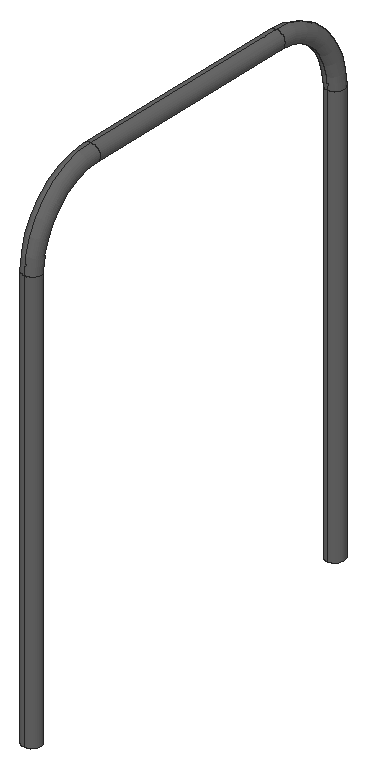
Revit family "Site_Accessories-Bike_Ovella-Systems-Oy_Urbanhub_U1_N1", category Specialty Equipment, Revit 2023
Family settings
  Round Connector Dimension = Use Diameter
  Part Type = Normal
  OmniClass Number = 23.11.29.11.11
  OmniClass Title = Bicycle Racks
  Work Plane-Based = No
  Enable Cutting in Views = Yes
  Always vertical = Yes
  Cut with Voids When Loaded = No
  Maintain Annotation Orientation = No
  Shared = No
  Room Calculation Point = No
Parameters (values of type "Urbanhub U1")
  z_Real Count [instance] = if(Count < 2, 2, Count)  # 2
  z_One [instance] = if(Count < 2, 1 = 1, 1 = 2)  # yes
  z_Clearence Length [instance] = if(Length = 1200 mm, 1800 mm, 610 mm)  # 610 mm
  z_Clearance Width = 2000 mm  # constant formula
  z_Clearance One [instance] = if(Count > 1, 1 = 2, Clearance)  # no
  z_Clearance Height = 1030 mm  # constant formula
  z_Clearance Array [instance] = if(Count < 2, 1 = 2, Clearance)  # no
  z_Array [instance] = if(Count > 1, 1 = 1, 1 = 2)  # no
  Width = 25 mm  # constant formula
  Version = 1
  URL = "https://www.ovella.fi"
  Product data url = ""
  Product Page URL = "https://www.ovella.fi/urbanhub_sisaan"
  Product Material = Ovella Systems Oy - Metal - Steel - Black
  Model = "Urbanhub U1"  # constant formula
  Manufacturer = "Ovella Systems Oy"  # constant formula
  Length [instance] = 700 mm  # constant formula
  Height = 700 mm  # constant formula
  Distance = 800 mm  # constant formula
  Default Elevation = 0 mm
  Date Updated = ""
  Date Created = "2025/12/05"  # constant formula
  Count [instance] = 1
  Clearance [instance] = no
Reference planes
  plane 1: y = 0
  plane 2: z = 0
  plane 3 "Center (Left/Right)": x = 0
  plane 4: z = 700
  plane 5: z = 1030
  plane 6: x = 800
  plane 7: x = 12.5
  plane 8: x = 815
  plane 9: x = 790
  plane 10: x = -12.5
  plane 11 "Center (Front/Back)": y = 87.405
  plane 12: x = -305
  plane 13: x = 1105
Forms (mm)
  Extrusion 1, solid, material "Ovella Systems Oy - Metal - Steel - Black" <- "Product Material", visible <- "z_One", detail levels coarse+medium
    sketch origin (0, -0.386, 0) x (0, 1, 0) y (0, 0, 1)
      loop
        arc (-72.114, 700) -> (-153.432, 666.317) -> (-187.114, 585) r 115
        line (-187.114, 585) -> (-187.114, 0) -> (-162.114, 0) -> (-162.114, 585)
        arc (-162.114, 585) -> (-135.754, 648.64) -> (-72.114, 675) r 90
        line (-72.114, 675) -> (247.886, 675)
        arc (247.886, 675) -> (311.525, 648.64) -> (337.886, 585) r 90
        line (337.886, 585) -> (337.886, 0) -> (362.886, 0) -> (362.886, 585)
        arc (362.886, 585) -> (329.203, 666.317) -> (247.886, 700) r 115
        line (247.886, 700) -> (-72.114, 700)
    from -12.5 to 12.5
  Sweep 2, solid, material "Ovella Systems Oy - Metal - Steel - Black" <- "Product Material", visible <- "z_One", detail levels fine
    path origin (0, 0, 0) x (0, 1, 0) y (0, 0, 1)
      loop
        line (-175, 0) -> (-175, 584.9)
        arc (-175, 584.9) -> (-144.978, 657.378) -> (-72.5, 687.4) r 102.5
        line (-72.5, 687.4) -> (247.5, 687.4)
        arc (247.5, 687.4) -> (319.978, 657.378) -> (350, 584.9) r 102.5
        line (350, 584.9) -> (350, 0)
    profile origin (0, -175, 292.45) x (0, -1, 0) y (1, 0, 0)
      loop
        circle (0, 0) r 12.5
  Extrusion 3, solid, material "Clearance", visible <- "z_Clearance Array"
    sketch origin (0, 87.405, 0) x (1, 0, 0) y (0, 1, 0)
      loop
        line (-305, 1000) -> (-305, -1000) -> (305, -1000) -> (305, 1000) -> (-305, 1000)
    from 0 to 1030
  Extrusion 4, solid, material "Ovella Systems Oy - Metal - Steel - Black" <- "Product Material", visible <- "z_Array", detail levels coarse+medium
    sketch origin (-2.5, -0.386, 0) x (0, 1, 0) y (0, 0, 1)
      loop
        arc (-72.114, 700) -> (-153.432, 666.317) -> (-187.114, 585) r 115
        line (-187.114, 585) -> (-187.114, 0) -> (-162.114, 0) -> (-162.114, 585)
        arc (-162.114, 585) -> (-135.754, 648.64) -> (-72.114, 675) r 90
        line (-72.114, 675) -> (247.886, 675)
        arc (247.886, 675) -> (311.525, 648.64) -> (337.886, 585) r 90
        line (337.886, 585) -> (337.886, 0) -> (362.886, 0) -> (362.886, 585)
        arc (362.886, 585) -> (329.203, 666.317) -> (247.886, 700) r 115
        line (247.886, 700) -> (-72.114, 700)
    from -10 to 15
  Sweep 5, solid, material "Ovella Systems Oy - Metal - Steel - Black" <- "Product Material", visible <- "z_Array", detail levels fine
    path origin (0, 0, 0) x (0, 1, 0) y (0, 0, 1)
      loop
        line (-175, 0) -> (-175, 584.9)
        arc (-175, 584.9) -> (-144.978, 657.378) -> (-72.5, 687.4) r 102.5
        line (-72.5, 687.4) -> (247.5, 687.4)
        arc (247.5, 687.4) -> (319.978, 657.378) -> (350, 584.9) r 102.5
        line (350, 584.9) -> (350, 0)
    profile origin (0, -175, 292.45) x (0, -1, 0) y (1, 0, 0)
      loop
        circle (0, 0) r 12.5
  Extrusion 6, solid, material "Ovella Systems Oy - Metal - Steel - Black" <- "Product Material", visible <- "z_Array", detail levels coarse+medium
    sketch origin (800, -0.386, 0) x (0, 1, 0) y (0, 0, 1)
      loop
        arc (-72.114, 700) -> (-153.432, 666.317) -> (-187.114, 585) r 115
        line (-187.114, 585) -> (-187.114, 0) -> (-162.114, 0) -> (-162.114, 585)
        arc (-162.114, 585) -> (-135.754, 648.64) -> (-72.114, 675) r 90
        line (-72.114, 675) -> (247.886, 675)
        arc (247.886, 675) -> (311.525, 648.64) -> (337.886, 585) r 90
        line (337.886, 585) -> (337.886, 0) -> (362.886, 0) -> (362.886, 585)
        arc (362.886, 585) -> (329.203, 666.317) -> (247.886, 700) r 115
        line (247.886, 700) -> (-72.114, 700)
    from -10 to 15
  Sweep 7, solid, material "Ovella Systems Oy - Metal - Steel - Black" <- "Product Material", visible <- "z_Array", detail levels fine
    path origin (802.5, 0, 0) x (0, 1, 0) y (0, 0, 1)
      loop
        line (-175, 0) -> (-175, 584.9)
        arc (-175, 584.9) -> (-144.978, 657.378) -> (-72.5, 687.4) r 102.5
        line (-72.5, 687.4) -> (247.5, 687.4)
        arc (247.5, 687.4) -> (319.978, 657.378) -> (350, 584.9) r 102.5
        line (350, 584.9) -> (350, 0)
    profile origin (802.5, -175, 292.45) x (0, -1, 0) y (1, 0, 0)
      loop
        circle (0, 0) r 12.5
  Extrusion 8, solid, material "Clearance", visible <- "z_Clearance Array"
    sketch origin (800, 87.405, 0) x (1, 0, 0) y (0, 1, 0)
      loop
        line (-305, 1000) -> (-305, -1000) -> (305, -1000) -> (305, 1000) -> (-305, 1000)
    from 0 to 1030
  Extrusion 9, solid, material "Clearance", visible <- "z_Clearance One"
    sketch origin (0, 87.405, 0) x (1, 0, 0) y (0, 1, 0)
      loop
        line (-305, 1000) -> (-305, -1000) -> (305, -1000) -> (305, 1000) -> (-305, 1000)
    from 0 to 1030
Lines and regions (mm)
  Masking region 1, visible <- "z_One", detail levels coarse+medium
    outline origin (0, 0, 0) x (1, 0, 0) y (0, 1, 0)
      loop
        line (-12.5, 362.5) -> (-12.5, -187.5) -> (12.5, -187.5) -> (12.5, 362.5) -> (-12.5, 362.5)
  Masking region 2, visible <- "z_One", detail levels fine
    outline origin (0, 0, 0) x (1, 0, 0) y (0, 1, 0)
      loop
        arc (12.5, 349.961) -> (0, 362.461) -> (-12.5, 349.961) r 12.5
        line (-12.5, 349.961) -> (-12.5, -175.151)
        arc (-12.5, -175.151) -> (0, -187.651) -> (12.5, -175.151) r 12.5
        line (12.5, -175.151) -> (12.5, 349.961)
  Masking region 3, visible <- "z_Array", detail levels coarse+medium
    outline origin (0, 0, 0) x (1, 0, 0) y (0, 1, 0)
      loop
        line (-12.5, 362.5) -> (-12.5, -187.5) -> (12.5, -187.5) -> (12.5, 362.5) -> (-12.5, 362.5)
  Masking region 4, visible <- "z_Array", detail levels coarse+medium
    outline origin (802.5, 0, 0) x (1, 0, 0) y (0, 1, 0)
      loop
        line (-12.5, 362.5) -> (-12.5, -187.5) -> (12.5, -187.5) -> (12.5, 362.5) -> (-12.5, 362.5)
  Masking region 5, visible <- "z_Array", detail levels fine
    outline origin (0, 0, 0) x (1, 0, 0) y (0, 1, 0)
      loop
        arc (12.5, 349.961) -> (0, 362.461) -> (-12.5, 349.961) r 12.5
        line (-12.5, 349.961) -> (-12.5, -175.151)
        arc (-12.5, -175.151) -> (0, -187.651) -> (12.5, -175.151) r 12.5
        line (12.5, -175.151) -> (12.5, 349.961)
  Masking region 6, visible <- "z_Array", detail levels fine
    outline origin (802.5, 0, 0) x (1, 0, 0) y (0, 1, 0)
      loop
        arc (12.5, 349.961) -> (0, 362.461) -> (-12.5, 349.961) r 12.5
        line (-12.5, 349.961) -> (-12.5, -175.151)
        arc (-12.5, -175.151) -> (0, -187.651) -> (12.5, -175.151) r 12.5
        line (12.5, -175.151) -> (12.5, 349.961)
  symbolic lines, style "Clearance", visible <- "z_Clearance Array"
    curve 1: line (305, 1087.405, 0) -> (-305, 1087.405, 0)
    curve 2: line (-305, 1087.405, 0) -> (-305, -912.595, 0)
    curve 3: line (-305, -912.595, 0) -> (305, -912.595, 0)
    curve 4: line (305, -912.595, 0) -> (305, 1087.405, 0)
    curve 7: line (1105, 1087.405, 0) -> (495, 1087.405, 0)
    curve 8: line (495, 1087.405, 0) -> (495, -912.595, 0)
    curve 9: line (495, -912.595, 0) -> (1105, -912.595, 0)
    curve 10: line (1105, -912.595, 0) -> (1105, 1087.405, 0)
  model lines, not visible
    curve 5: line (12.5, 350, 0) -> (12.5, -230, 0)
    curve 6: line (815, 350, 0) -> (815, -230, 0)
  symbolic lines, style "Clearance", visible <- "z_Clearance One"
    curve 11: line (305, 1066.459, 0) -> (-305, 1066.459, 0)
    curve 12: line (-305, 1066.459, 0) -> (-305, -912.595, 0)
    curve 13: line (-305, -912.595, 0) -> (305, -912.595, 0)
    curve 14: line (305, -912.595, 0) -> (305, 1066.459, 0)
Dimensions and locks
  "Height": plane 4 to level
  "z_Clearance Height": plane 5 to plane 2
  "Distance": plane 3 "Center (Left/Right)" to plane 6
  group 1 to group 2 = 802.5 mm
  group 1 to group 2 = 0 mm  (x2)
  locked: plane 3 "Center (Left/Right)" to plane 7 at 12.5
  locked: plane 6 to plane 8 at 15
  plane 9 to plane 8 = 25 mm
  locked: plane 10 to plane 7 at 25
  group 3 to group 4 = 802.5 mm
  group 3 to group 4 = 0 mm  (x2)
  curve 6 to curve 5 = 802.5 mm
  group 5 to group 6 = 802.5 mm
  group 5 to group 6 = 0 mm  (x2)
  group 7 to group 8 = 802.5 mm
  group 7 to group 8 = 0 mm  (x2)
  group 9 to group 10 = 800 mm
  group 9 to group 10 = 0 mm  (x2)
  locked: plane 6 to plane 13 at 305
  group 11 to group 12 = 800 mm
  group 11 to group 12 = 0 mm  (x2)
  aligned and locked: level to plane 2
  aligned and locked: Extrusion 3 to plane 5
  aligned and locked: Extrusion 3 to level
  aligned and locked: curve 1 to Extrusion 3
  aligned and locked: curve 2 to Extrusion 3
  aligned and locked: curve 3 to Extrusion 3
  aligned and locked: curve 4 to Extrusion 3
  aligned and locked: plane 7 to Extrusion 4
  aligned and locked: Extrusion 6 to plane 8
  aligned and locked: plane 9 to Extrusion 6
  aligned and locked: plane 7 to curve 5
  aligned and locked: plane 8 to curve 6
  aligned and locked: Masking region 3 to plane 7
  aligned and locked: Masking region 3 to plane 10
  aligned and locked: Masking region 4 to plane 8
  aligned and locked: Masking region 5 to plane 7
  aligned and locked: Masking region 6 to plane 8
  aligned and locked: plane 13 to curve 10
  aligned and locked: plane 13 to Extrusion 8
Automatic sketch dimensions
  Extrusion 4 sketch curve to Extrusion 4 sketch curve = 0 mm  (x9)
  Extrusion 4 sketch curve to Extrusion 4 sketch curve = 25 mm
  Sweep 5 sketch curve to profile plane = 0 mm  (x2)
  Extrusion 4 sketch curve to Extrusion 4 sketch curve = 90 mm
  Extrusion 4 sketch curve to Extrusion 4 sketch curve = 320 mm
  Extrusion 4 sketch curve to Extrusion 4 sketch curve = 500 mm
  Extrusion 4 sketch curve to Extrusion 4 sketch curve = 585 mm
  Extrusion 6 sketch curve to Extrusion 6 sketch curve = 0 mm  (x9)
  Extrusion 6 sketch curve to Extrusion 6 sketch curve = 25 mm
  Extrusion 6 sketch curve to Extrusion 6 sketch curve = 90 mm
  Extrusion 6 sketch curve to Extrusion 6 sketch curve = 320 mm
  Extrusion 6 sketch curve to Extrusion 6 sketch curve = 500 mm
  Extrusion 6 sketch curve to Extrusion 6 sketch curve = 585 mm
  Sweep 5 sketch curve to Sweep 5 sketch curve = 102.5 mm  (x2)
  Sweep 5 sketch curve to Sweep 5 sketch curve = 320 mm
  Sweep 5 sketch curve to Sweep 5 sketch curve = 584.9 mm
  Sweep 5 sketch curve to Sweep 5 sketch curve = 0 mm
  Sweep 7 sketch curve to profile plane = 0 mm  (x2)
  Sweep 7 sketch curve to Sweep 7 sketch curve = 102.5 mm  (x2)
  Sweep 7 sketch curve to Sweep 7 sketch curve = 320 mm
  Sweep 7 sketch curve to Sweep 7 sketch curve = 584.9 mm
  Sweep 7 sketch curve to Sweep 7 sketch curve = 0 mm
  curve 5 to curve 5 = 580 mm
  curve 6 to curve 6 = 580 mm
  Masking region 3 sketch curve to Masking region 3 sketch curve = 25 mm
  Masking region 3 sketch curve to Masking region 3 sketch curve = 550 mm
  Masking region 4 sketch curve to Masking region 4 sketch curve = 25 mm
  Masking region 4 sketch curve to Masking region 4 sketch curve = 550 mm
  Masking region 1 sketch curve to plane 10 = 0 mm
  Masking region 1 sketch curve to plane 7 = 0 mm
  plane 1 to Masking region 1 sketch curve = 187.5 mm
  Masking region 1 sketch curve to plane 1 = 362.5 mm
  Masking region 2 sketch curve to plane 10 = 0 mm
  Masking region 2 sketch curve to plane 3 "Center (Left/Right)" = 0 mm
  plane 1 to Masking region 2 sketch curve = 175.151 mm
  Masking region 2 sketch curve to plane 1 = 349.961 mm
  Masking region 5 sketch curve to Masking region 5 sketch curve = 12.5 mm
  Masking region 5 sketch curve to Masking region 5 sketch curve = 525.112 mm
  Masking region 6 sketch curve to Masking region 6 sketch curve = 12.5 mm
  Masking region 6 sketch curve to Masking region 6 sketch curve = 525.112 mm
  Extrusion 1 sketch curve to Extrusion 1 sketch curve = 0 mm  (x4)
  Extrusion 1 sketch curve to level = 0 mm  (x2)
  Extrusion 1 sketch curve to plane 4 = 0 mm
  plane 1 to Extrusion 1 sketch curve = 187.5 mm
  Extrusion 1 sketch curve to Extrusion 1 sketch curve = 25 mm
  plane 1 to Extrusion 1 sketch curve = 72.5 mm
  plane 11 "Center (Front/Back)" to Extrusion 1 sketch curve = 160.095 mm
  plane 11 "Center (Front/Back)" to Extrusion 1 sketch curve = 250.095 mm
  Sweep 2 sketch curve to level = 0 mm  (x2)
  Sweep 2 sketch curve to plane 4 = 115.1 mm
  plane 1 to Sweep 2 sketch curve = 175 mm
  Sweep 2 sketch curve to plane 4 = 12.6 mm
  plane 11 "Center (Front/Back)" to Sweep 2 sketch curve = 160.095 mm
  Sweep 2 sketch curve to Sweep 2 sketch curve = 102.5 mm
  Sweep 2 sketch curve to plane 3 "Center (Left/Right)" = 0 mm
  Sweep 2 sketch curve to profile plane = 0 mm
  Extrusion 3 sketch curve to Extrusion 3 sketch curve = 610 mm
  Extrusion 3 sketch curve to Extrusion 3 sketch curve = 2000 mm
  Extrusion 8 sketch curve to Extrusion 8 sketch curve = 610 mm
  Extrusion 8 sketch curve to Extrusion 8 sketch curve = 2000 mm
  Extrusion 9 sketch curve to Extrusion 9 sketch curve = 610 mm
  Extrusion 9 sketch curve to Extrusion 9 sketch curve = 2000 mm
  Extrusion 9 sketch curve to plane 12 = 0 mm
  plane 1 to Extrusion 9 sketch curve = 912.595 mm
  curve 11 to plane 12 = 0 mm
  plane 1 to curve 13 = 912.595 mm
  plane 12 to curve 13 = 610 mm
  plane 11 "Center (Front/Back)" to curve 12 = 979.054 mm
  radius of Sweep 5 sketch curve = 12.5 mm
  radius of Sweep 7 sketch curve = 12.5 mm
  radius of Sweep 2 sketch curve = 12.5 mm
